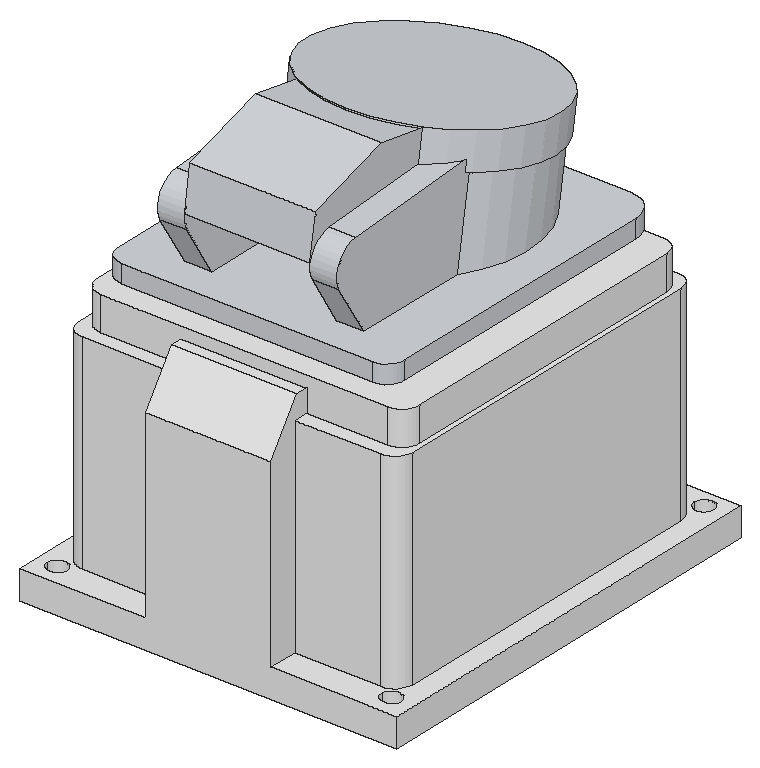
Revit family "Building-ConnessioniIEC309-GEWISS-IEC309HP-PRESE_FISSE_PAR_10°_32A_IP67", category Apparecchi elettrici, host Superficie, Revit 2019
Family settings
  Host = Superficie
  Mantenere orientamento annotazione = Sì
  Quota connettore circolare = Usa diametro
  Tipo di parte = Normale
  Taglio con vuoti quando caricato = No
  Condiviso = No
  Punto di calcolo locali = Sì
Parameters (values of type "GW62556 - PRESA FISSA 10°PAR.ST.3P+T 32A 380V 3H")
  simbolo acceso [instance] = yes
  distanza_simbolo [instance] = 1 mm
  distanza dal piano [instance] = 0 mm
  W = 115 mm  # constant formula
  Versione file RFA = "21.11"
  URL = "https://www.gewiss.com/it/it"
  Tipologia = "Presa fissa da parete 10°"
  Tipo Cablaggio = "A vite"
  Termopressione con biglia = "125 °C (Parti attive) - 80 °C (Parti passive)"
  Tensione nominale = "380-440V"
  Temperatura di utilizzo = "-25 +55 °C"
  Spostamento_effettivo_S [instance] = 4000 mm - Spostamento_S  # 3045 mm
  Spostamento_S = 955 mm
  Sportello_visibile = yes
  Sovraccarico ammissibile = "42A"
  Scheda Tecnica = "https://www.gewiss.com/it/it/search?q=GW62556"
  SPinotto = Default(2)
  SEO = "Presa"
  Riferimento h = "3"
  Resistenza di isolamento = "- 10 M?"
  Resistenza agli urti = "IK08"
  Prospetto di default = 500 mm
  Produttore = "GEWISS S.p.A."
  Potere d'interruzione a 1,1 Un = "40A"
  Piastra = Default(2)
  N. poli = "3P+T"
  N. Manovre complessive = "-2000"
  Modello = "GW62556"
  L = 155 mm  # constant formula
  Immagine tipo = (empty or 0)
  IDT = "a26e6f27ce1c4ce1acf7a3737c6fb816"
  IDF = "0add6c81-5737-40fc-a870-13d408ed6093"
  Grado di protezione = "IP67"
  Glow wire test: = "850 °C (Parti attive) - 650 °C (Parti passive)"
  Frequenza = "50/60 Hz"
  FORMULA = 1000 mm * 1  # 1000 mm
  Descrizione = "PRESA FISSA 10°PAR.ST.3P+T 32A 380V 3H"
  Creato da GEWISS S.p.A. = ""
  Corrente nominale (A) = "32"
  Corpo centrale = Default(2)
  Colore: = "Rosso"
  Codice Electrocod = "2211"
  Catalogo = "BUILDING"
  CapacitÃ  serraggio morsetti = "2,5-6 mm² cavi flessibili - 2,5-10 mm² cavi rigidi"
  COBie.Tagnumber = ""
  COBie.CreatedOn = ""
  COBie.CreatebBy = ""
  COBie.ComponentRegisterItemID = ""
  COBie.Component.TagNumber = ""
  COBie.Component.Space = ""
  COBie.Component.SerialNumber = ""
  COBie.Component.InstallationDate = ""
  COBie.Component.Description = ""
  COBie.Component.BarCode = ""
  BLOCCO = "B=C"
Types (12, lengths in mm): name | Tensione nominale | Scheda Tecnica | Riferimento h | N. poli | Modello | IDT | Descrizione | Colore:
  GW62434 - PRESA FISSA 10°PAR.ST.2P+T 32A 110V 4H | "100-130V" | "https://www.gewiss.com/it/it/search?q=GW62434" | "4" | "2P+T" | "GW62434" | "986c39143f9c445bb3cac702ed56fa4a" | "PRESA FISSA 10°PAR.ST.2P+T 32A 110V 4H" | "Giallo"
  GW62435 - PRESA FISSA 10°PAR.ST.3P+T 32A 110V 4H | "100-130V" | "https://www.gewiss.com/it/it/search?q=GW62435" | "4" | "3P+T" | "GW62435" | "452de1b4badb4e488309a17f806bfc51" | "PRESA FISSA 10°PAR.ST.3P+T 32A 110V 4H" | "Giallo"
  GW62436 - PRESA FISSA 10°PAR.ST.3P+N+T 32A 110V 4H | "100-130V" | "https://www.gewiss.com/it/it/search?q=GW62436" | "4" | "3P+N+T" | "GW62436" | "00c5db75744042ec83027d165567999a" | "PRESA FISSA 10°PAR.ST.3P+N+T 32A 110V 4H" | "Giallo"
  GW62437 - PRESA FISSA 10°PAR.ST.2P+T 32A 230V 6H | "200-250V" | "https://www.gewiss.com/it/it/search?q=GW62437" | "6" | "2P+T" | "GW62437" | "5ac0320e34bb4a4eaab190f58d3ebf28" | "PRESA FISSA 10°PAR.ST.2P+T 32A 230V 6H" | "Blu"
  GW62438 - PRESA FISSA 10°PAR.ST.3P+T 32A 230V 9H | "200-250V" | "https://www.gewiss.com/it/it/search?q=GW62438" | "9" | "3P+T" | "GW62438" | "cab6474b4e844bba955fc98f17608af1" | "PRESA FISSA 10°PAR.ST.3P+T 32A 230V 9H" | "Blu"
  GW62439 - PRESA FISSA 10°PAR.ST.3P+N+T 32A 230V 9H | "200-250V" | "https://www.gewiss.com/it/it/search?q=GW62439" | "9" | "3P+N+T" | "GW62439" | "4628fdc84d1548bda3f713b52f0bd3d8" | "PRESA FISSA 10°PAR.ST.3P+N+T 32A 230V 9H" | "Blu"
  GW62440 - PRESA FISSA 10°PAR.ST.2P+T 32A 400V 9H | "380-415V" | "https://www.gewiss.com/it/it/search?q=GW62440" | "9" | "2P+T" | "GW62440" | "dec06a8d713645869f1b7bed8814f368" | "PRESA FISSA 10°PAR.ST.2P+T 32A 400V 9H" | "Rosso"
  GW62441 - PRESA FISSA 10°PAR.ST.3P+T 32A 400V 6H | "380-415V" | "https://www.gewiss.com/it/it/search?q=GW62441" | "6" | "3P+T" | "GW62441" | "93e5dbc87a5649be9e448fb37e4556a5" | "PRESA FISSA 10°PAR.ST.3P+T 32A 400V 6H" | "Rosso"
  GW62442 - PRESA FISSA 10°PAR.ST.3P+N+T 32A 400V 6H | "380-415V" | "https://www.gewiss.com/it/it/search?q=GW62442" | "6" | "3P+N+T" | "GW62442" | "7aed0b2448fd483ab265c5073648dcbe" | "PRESA FISSA 10°PAR.ST.3P+N+T 32A 400V 6H" | "Rosso"
  GW62556 - PRESA FISSA 10°PAR.ST.3P+T 32A 380V 3H | "380-440V" | "https://www.gewiss.com/it/it/search?q=GW62556" | "3" | "3P+T" | "GW62556" | "a26e6f27ce1c4ce1acf7a3737c6fb816" | "PRESA FISSA 10°PAR.ST.3P+T 32A 380V 3H" | "Rosso"
  GW62443 - PRESA FISSA 10°PAR.ST.3P+T 32A 500V 7H | "480-500V" | "https://www.gewiss.com/it/it/search?q=GW62443" | "7" | "3P+T" | "GW62443" | "353563d947574bae85385f5dd1700681" | "PRESA FISSA 10°PAR.ST.3P+T 32A 500V 7H" | "Nero"
  GW62444 - PRESA FISSA 10°PAR.ST.3P+N+T 32A 500V 7H | "480-500V" | "https://www.gewiss.com/it/it/search?q=GW62444" | "7" | "3P+N+T" | "GW62444" | "f0e200fa9ca54c6baa2ba78b5d8a27fd" | "PRESA FISSA 10°PAR.ST.3P+N+T 32A 500V 7H" | "Nero"
Reference planes
  plane 1 "Centro (Fronte/Retro)": y = 0
  plane 2: z = 0
  plane 3 "Centro (Sinistra/Destra)": x = 0
  plane 4: x = -3000
  plane 5: x = 45
  plane 6: z = 0
Dimensions and locks
  plane 4 to plane 3 "Centro (Sinistra/Destra)" = 3000 mm
  "Spostamento_effettivo_S": plane 4 to plane 5
  "distanza dal piano": plane 6 to plane 2
  aligned and locked: plane 2 to host face
  aligned and locked: level to host face
  aligned and locked: plane 3 "Centro (Sinistra/Destra)" to nested 1
  aligned and locked: plane 1 "Centro (Fronte/Retro)" to nested 1
  aligned and locked: nested 2 to plane 5
  aligned and locked: plane 1 "Centro (Fronte/Retro)" to nested 3
  aligned and locked: plane 3 "Centro (Sinistra/Destra)" to nested 3
Automatic sketch dimensions
  host sketch curve to host sketch curve = 2438.4 mm  (x2)
Nested families
  nested 1: "IEC309 PRESE FISSE PARETE 10' 16A IP44_BASE" at (0, 0, 0), type "IEC309 PRESE FISSE PARETE 10' 16A IP44_BASE"
  nested 2: "GWGW62201FH - SIMBOLO_PRESA" at (45, 171.559, 0), visible <- "simbolo acceso", Distanza dal muro <- "distanza_simbolo", type "3P"
    with SIMBOLO ACCESO yes, Distanza dal muro 1 mm
  nested 3: "GW62412_dett_presa front" at (0, 3.479, 0), type "GW62412_dett_presa front"
Connectors
  electrical at (37.5, 30, 0)
    settings: on nested 1, index 1, voltage 0 V, apparent load 0 VA, apparent load phase1 0 VA, apparent load phase2 0 VA, apparent load phase3 0 VA, power factor 1, load classification "Altro", number of poles 1, system type 31, power factor state 1, is connector primary yes, connector utility no, sub classification motor no, connector description ""
Definition of nested family "IEC309 PRESE FISSE PARETE 10' 16A IP44_BASE"
  Parameters (values of type "IEC309 PRESE FISSE PARETE 10' 16A IP44_BASE")
    sp_ghiera = 16 mm
    r2 = 39 mm
    h = 120 mm  # constant formula
    dis_base = 71 mm
    Sportello = yes
    Spinotto = none
    R1 = 42 mm
    PIASTRA = none
    Lunghezza totale = 140 mm
    CENTRALE = none
    Bsae = 105 mm  # constant formula
  Reference planes
    plane 1 "Centro (Fronte/Retro)": y = 0
    plane 2: z = 0
    plane 3 "Centro (Sinistra/Destra)": x = 0
    plane 4: x = 105
    plane 5: y = 120
    plane 6: x = 52.5
    plane 7: y = 114.875
    plane 8: y = 5.75
    plane 9: x = 5.75
    plane 10: x = 99
    plane 11: z = 8
    plane 12: y = 111.673
    plane 13: y = 8.334
    plane 14: z = 66
    plane 15: x = 7.498
    plane 16: y = 108.673
    plane 17: x = 97.498
    plane 18: y = 12.508
    plane 19: z = 75.463
    plane 20: x = 27.511
    plane 21: x = 32.023
    plane 22: x = 77.489
    plane 23: x = 72.977
    plane 24: x = 35.01
    plane 25: x = 69.99
    plane 26: x = 12.474
    plane 27: y = 107.576
    plane 28: x = 92.474
    plane 29: y = 13.508
  Forms (mm)
    Extrusion 1, solid, material <- "PIASTRA"
      sketch origin (0, 0, 0) x (1, 0, 0) y (0, 1, 0)
        loop
          line (0, 120) -> (0, 0) -> (105, 0) -> (105, 120) -> (0, 120)
      from 0 to 8
    Extrusion 2, void
      sketch origin (0, 0, 0) x (1, 0, 0) y (0, 1, 0)
        loop
          circle (5.75, 114.875) r 2.8
        loop
          circle (99, 114.875) r 2.8
        loop
          circle (5.75, 5.75) r 2.8
        loop
          circle (99, 5.75) r 2.8
      from 0 to 8
    Extrusion 3, solid, material <- "PIASTRA"
      sketch origin (0, 0, 0) x (1, 0, 0) y (0, 1, 0)
        loop
          line (5.75, 106.673) -> (5.75, 13.334)
          arc (5.75, 13.334) -> (7.214, 9.799) -> (10.75, 8.334) r 5
          line (10.75, 8.334) -> (94, 8.334)
          arc (94, 8.334) -> (97.536, 9.799) -> (99, 13.334) r 5
          line (99, 13.334) -> (99, 106.673)
          arc (99, 106.673) -> (97.536, 110.208) -> (94, 111.673) r 5
          line (94, 111.673) -> (10.75, 111.673)
          arc (10.75, 111.673) -> (7.214, 110.208) -> (5.75, 106.673) r 5
      from 8 to 66
    Extrusion 4, solid, material <- "PIASTRA"
      sketch origin (0, 0, 0) x (1, 0, 0) y (0, 1, 0)
        loop
          arc (12.498, 108.673) -> (8.962, 107.208) -> (7.498, 103.673) r 5
          line (7.498, 103.673) -> (7.498, 17.508)
          arc (7.498, 17.508) -> (8.962, 13.972) -> (12.498, 12.508) r 5
          line (12.498, 12.508) -> (92.498, 12.508)
          arc (92.498, 12.508) -> (96.033, 13.972) -> (97.498, 17.508) r 5
          line (97.498, 17.508) -> (97.498, 103.673)
          arc (97.498, 103.673) -> (96.033, 107.208) -> (92.498, 108.673) r 5
          line (92.498, 108.673) -> (12.498, 108.673)
      from 66 to 75.463
    Extrusion 5, solid, material <- "PIASTRA"
      sketch origin (0, 110, 0) x (0, -1, 0) y (0, 0, -1)
        loop
          line (-10, 0) -> (-10, -59.349) -> (-0.915, -72.253) -> (2.903, -72.253) -> (2.903, 0) -> (-10, 0)
      from 35.01 to 69.99
    Extrusion 6, solid, material <- "PIASTRA"
      sketch origin (0, 10, 0) x (0, 1, 0) y (0, 0, 1)
        loop
          line (-10, 0) -> (2.508, 0) -> (2.508, 72.253) -> (-0.915, 72.253) -> (-10, 59.349) -> (-10, 0)
      from 35.01 to 69.99
    Extrusion 7, solid
      sketch origin (0, 0, 0) x (1, 0, 0) y (0, 1, 0)
        loop
          arc (12.474, 18.508) -> (13.938, 14.972) -> (17.474, 13.508) r 5
          line (17.474, 13.508) -> (87.474, 13.508)
          arc (87.474, 13.508) -> (91.009, 14.972) -> (92.474, 18.508) r 5
          line (92.474, 18.508) -> (92.474, 99.118)
          arc (92.474, 99.118) -> (89.997, 105.099) -> (84.016, 107.576) r 8.458
          line (84.016, 107.576) -> (17.474, 107.576)
          arc (17.474, 107.576) -> (13.938, 106.111) -> (12.474, 102.576) r 5
          line (12.474, 102.576) -> (12.474, 18.508)
      from 79.524 to 84.524
    Sweep 8, solid
      path origin (0, 0, 0) x (0, 1, 0) y (0, 0, 1)
        loop
          line (76.838, 105.496) -> (78.575, 115.349)
      profile origin (0, 77.707, 110.423) x (0, -0.984808, 0.173648) y (1, 0, 0)
        loop
          circle (0, 52.5) r 31.5
    Extrusion 9, solid
      sketch origin (0, 0, 0) x (0, 1, 0) y (0, 0, 1)
        loop
          arc (13.666, 103.089) -> (15.893, 107.235) -> (20.216, 109.093) r 7.136
          line (20.216, 109.093) -> (51.287, 111.282) -> (52.751, 119.59) -> (38.491, 122.104) -> (15.564, 115.091) -> (13.666, 103.089)
      from 35.01 to 69.99
    Sweep 10, solid
      path origin (0, 0, 0) x (0, 1, 0) y (0, 0, 1)
        loop
          line (76.838, 105.496) -> (72.258, 79.524)
      profile origin (0, 74.548, 92.51) x (0, 0.984808, -0.173648) y (1, 0, 0)
        loop
          circle (0, 52.5) r 30.5
    Extrusion 11, solid
      sketch origin (0, 0, 0) x (0, 1, 0) y (0, 0, 1)
        loop
          arc (20.216, 109.093) -> (14.465, 105.419) -> (14.43, 98.594) r 7.136
          line (14.43, 98.594) -> (23.098, 84.524) -> (56.917, 84.524) -> (61.765, 112.02) -> (20.216, 109.093)
      from 27.511 to 35.01
    Extrusion 12, solid
      sketch origin (105, 0, 0) x (0, 1, 0) y (0, 0, -1)
        loop
          line (20.216, -109.093) -> (61.765, -112.02) -> (56.917, -84.524) -> (23.098, -84.524) -> (14.43, -98.594)
          arc (14.43, -98.594) -> (14.465, -105.419) -> (20.216, -109.093) r 7.136
      from 27.511 to 35.01
  Cuts and joins
    Extrusion 2 cuts Extrusion 1
    joined: Extrusion 1, Extrusion 3, Extrusion 5, Extrusion 6
    joined: Extrusion 7, Sweep 10, Extrusion 11, Extrusion 12
  Dimensions and locks
    plane 3 "Centro (Sinistra/Destra)" to plane 4 = 105 mm
    plane 1 "Centro (Fronte/Retro)" to plane 5 = 120 mm
    equal spacing: plane 3 "Centro (Sinistra/Destra)", plane 6, plane 4
    locked: plane 3 "Centro (Sinistra/Destra)" to plane 9 at 5.75
    locked: plane 10 to plane 4 at 6
    locked: plane 1 "Centro (Fronte/Retro)" to plane 8 at 5.75
    locked: plane 5 to plane 7 at 5.125
    locked: plane 11 to level at 8
    "Bsae": plane 3 "Centro (Sinistra/Destra)" to plane 4
    "h": plane 1 "Centro (Fronte/Retro)" to plane 5
    locked: plane 12 to plane 7 at 3.202
    locked: plane 8 to plane 13 at 2.584
    locked: plane 14 to plane 11 at 58
    locked: plane 17 to plane 10 at 1.502
    locked: plane 20 to plane 21 at 4.513
    locked: plane 23 to plane 22 at 4.513
    equal spacing: plane 20, plane 6, plane 22
    locked: plane 12 to plane 16 at 3
    equal spacing: plane 24, plane 6, plane 25
    plane 24 to plane 25 = 34.979 mm
    locked: plane 16 to plane 27 at 1.097
    locked: plane 9 to plane 26 at 6.724
    locked: plane 28 to plane 10 at 6.526
    plane 18 to plane 29 = 1 mm
    diameter of cut or joined group of Extrusion 1, Extrusion 2, Extrusion 3, Extrusion 5, Extrusion 6 = 5.6 mm
    radius of Extrusion 3 sketch curve = 5 mm  (x3)
    radius of Extrusion 4 sketch curve = 5 mm  (x3)
    radius of Extrusion 7 sketch curve = 5 mm  (x3)
    radius of Extrusion 7 sketch curve = 8.458 mm
    aligned and locked: level to plane 2
    aligned and locked: Extrusion 1 sketch curve to plane 3 "Centro (Sinistra/Destra)"
    aligned and locked: Extrusion 1 sketch curve to plane 5
    aligned and locked: Extrusion 1 sketch curve to plane 4
    aligned and locked: Extrusion 1 sketch curve to plane 1 "Centro (Fronte/Retro)"
    aligned and locked: plane 11 to Extrusion 1
    aligned and locked: plane 9 to Extrusion 2 sketch curve  (x2)
    aligned and locked: plane 7 to Extrusion 2 sketch curve  (x2)
    aligned and locked: plane 10 to Extrusion 2 sketch curve  (x2)
    aligned and locked: plane 8 to Extrusion 2 sketch curve  (x2)
    aligned and locked: cut or joined group of Extrusion 1, Extrusion 2, Extrusion 3, Extrusion 5, Extrusion 6 to level
    aligned and locked: Extrusion 1 to Extrusion 2
    aligned and locked: Extrusion 3 sketch curve to plane 9
    aligned and locked: Extrusion 3 sketch curve to plane 10
    aligned and locked: Extrusion 3 sketch curve to plane 13
    aligned and locked: plane 12 to Extrusion 3 sketch curve
    aligned and locked: plane 14 to Extrusion 3
    aligned and locked: Extrusion 3 to plane 11
    aligned and locked: Extrusion 4 sketch curve to plane 16
    aligned and locked: Extrusion 4 sketch curve to plane 15
    aligned and locked: Extrusion 4 sketch curve to plane 17
    aligned and locked: Extrusion 4 sketch curve to plane 18
    aligned and locked: Extrusion 4 to plane 14
    aligned and locked: Extrusion 4 to plane 19
    aligned and locked: Extrusion 5 to plane 25
    aligned and locked: Extrusion 5 to plane 24
    aligned and locked: Extrusion 7 sketch curve to plane 26
    aligned and locked: Extrusion 7 sketch curve to plane 27
    aligned and locked: Extrusion 7 sketch curve to plane 28
    aligned and locked: plane 29 to Extrusion 7 sketch curve
    aligned and locked: Extrusion 6 sketch curve to plane 18
    aligned and locked: plane 6 to Sweep 8 sketch curve
    aligned and locked: plane 24 to Extrusion 9
    aligned and locked: Extrusion 9 to plane 25
    aligned and locked: plane 6 to Sweep 10 sketch curve
    aligned and locked: Extrusion 11 sketch curve to Extrusion 9  (x2)
    aligned and locked: Extrusion 7 to Extrusion 11 sketch curve
    aligned and locked: Extrusion 11 to plane 20
    aligned and locked: Extrusion 11 to cut or joined group of Extrusion 1, Extrusion 2, Extrusion 3, Extrusion 5, Extrusion 6
  Automatic sketch dimensions
    plane 26 to Extrusion 3 sketch curve = 1.724 mm
    Extrusion 4 sketch curve to plane 26 = 0.024 mm
    Extrusion 5 sketch curve to level = 0 mm
    Extrusion 5 sketch curve to plane 5 = 0 mm
    Extrusion 5 sketch curve to plane 12 = 0.758 mm
    plane 27 to Extrusion 5 sketch curve = 0.479 mm
    plane 14 to Extrusion 5 sketch curve = 6.651 mm
    Extrusion 5 sketch curve to plane 19 = 3.211 mm
    Extrusion 6 sketch curve to level = 0 mm
    Extrusion 6 sketch curve to plane 1 "Centro (Fronte/Retro)" = 0 mm
    Extrusion 6 sketch curve to plane 13 = 0.751 mm
    Extrusion 6 sketch curve to plane 14 = 6.651 mm
    Extrusion 7 sketch curve to Extrusion 7 sketch curve = 0 mm
    Sweep 8 sketch curve to plane 27 = 30.738 mm
    Sweep 8 sketch curve to plane 19 = 30.033 mm
    Sweep 8 sketch curve to Sweep 8 sketch curve = 1.737 mm
    Sweep 8 sketch curve to Sweep 8 sketch curve = 9.852 mm
    Sweep 8 sketch curve to profile plane = 0 mm
    Extrusion 9 sketch curve to Extrusion 9 sketch curve = 18.275 mm
    Extrusion 9 sketch curve to plane 19 = 35.818 mm
    Extrusion 9 sketch curve to Extrusion 9 sketch curve = 1.465 mm
    Extrusion 9 sketch curve to Extrusion 9 sketch curve = 8.308 mm
    plane 29 to Extrusion 9 sketch curve = 0.158 mm
    Extrusion 9 sketch curve to Extrusion 9 sketch curve = 0 mm  (x2)
    Sweep 10 sketch curve to plane 19 = 4.061 mm
    Sweep 10 sketch curve to plane 27 = 35.317 mm
    Sweep 10 sketch curve to Sweep 10 sketch curve = 4.58 mm
    Sweep 10 sketch curve to Sweep 10 sketch curve = 25.972 mm
    Sweep 10 sketch curve to profile plane = 0 mm
    Extrusion 11 sketch curve to Extrusion 11 sketch curve = 33.818 mm
    Extrusion 11 sketch curve to plane 19 = 36.557 mm
    plane 29 to Extrusion 12 sketch curve = 0.922 mm
    plane 29 to Extrusion 12 sketch curve = 6.708 mm
    Extrusion 12 sketch curve to Extrusion 12 sketch curve = 0.498 mm
    plane 29 to Extrusion 12 sketch curve = 9.591 mm
    Extrusion 12 sketch curve to plane 19 = 9.061 mm
    Extrusion 12 sketch curve to Extrusion 12 sketch curve = 33.818 mm
    Extrusion 12 sketch curve to Extrusion 12 sketch curve = 4.848 mm
    Extrusion 12 sketch curve to Extrusion 12 sketch curve = 14.07 mm
    Extrusion 12 sketch curve to Extrusion 12 sketch curve = 3.38 mm
    Extrusion 12 sketch curve to Extrusion 12 sketch curve = 27.496 mm
    plane 19 to Extrusion 6 sketch curve = 3.211 mm
    plane 29 to Extrusion 9 sketch curve = 2.056 mm
    plane 29 to Extrusion 9 sketch curve = 6.708 mm
    Extrusion 9 sketch curve to Extrusion 9 sketch curve = 7.048 mm
    Extrusion 9 sketch curve to Extrusion 9 sketch curve = 12.795 mm
    Extrusion 9 sketch curve to Extrusion 9 sketch curve = 2.189 mm
    Extrusion 9 sketch curve to Extrusion 9 sketch curve = 7.118 mm
    Extrusion 9 sketch curve to Extrusion 9 sketch curve = 5.998 mm
    Extrusion 9 sketch curve to Extrusion 9 sketch curve = 2.514 mm
    plane 29 to Extrusion 11 sketch curve = 0.922 mm
    plane 29 to Extrusion 11 sketch curve = 9.591 mm
    radius of Extrusion 2 sketch curve = 2.8 mm  (x4)
    radius of Sweep 8 sketch curve = 31.5 mm
    radius of Sweep 10 sketch curve = 30.5 mm
Definition of nested family "GWGW62201FH - SIMBOLO_PRESA"
  Parameters (values of type "3P")
    SIMBOLO ACCESO [instance] = yes
    Distanza dal muro [instance] = 0 mm
  Reference planes
    plane 1: y = 0
    plane 2: x = 0
  Dimensions and locks
    "Distanza dal muro": plane 1 to nested 1
    aligned and locked: plane 2 to nested 1
  Nested families
    nested 1: "GWGW62201FH - SIMBOLO" at (0, 0, 0), visible <- "SIMBOLO ACCESO", type "3P"
  Definition of nested family "GWGW62201FH - SIMBOLO"
    Parameters (values of type "3P")
      CORNICE SIMBOLO [instance] = yes
      3P = yes
    Reference planes
      plane 1: y = 0
      plane 2: x = 0
    Lines and regions (mm)
      detail lines
        curve 1: circle (-0.314, 0.674, 0) r 0.057 normal (0, 0, 1)
        curve 2: arc (0.346, -0.009, 0) -> (0, 0.337, 0) -> (-0.346, -0.009, 0) r 0.346
        curve 3: line (0, 0.337, 0) -> (0.346, 0.337, 0)
        curve 4: line (0, 3.386, 0) -> (0, 0.337, 0)
        curve 5: line (0, 0.337, 0) -> (-0.314, 0.674, 0)
Definition of nested family "GW62412_dett_presa front"
  Reference planes
    plane 1 "Centro (Fronte/Retro)": y = 0
    plane 2: z = 0
    plane 3 "Centro (Sinistra/Destra)": x = 0
  Lines and regions (mm)
    detail lines, in view "Livello rif."
      curve 1: arc (74.277, 69.357, 0) -> (52.474, 77.362, 0) -> (30.67, 69.357, 0) r 33.699
      curve 2: spline (30.67, 70.944, 0) -> (28.735, 69.156, 0) -> (26.952, 67.222, 0) -> (25.33, 65.154, 0) -> (23.88, 62.966, 0) -> (22.612, 60.671, 0) -> (21.534, 58.284, 0) -> (20.652, 55.82, 0) -> (19.972, 53.294, 0) -> (19.498, 50.723, 0) -> (19.233, 48.123, 0) -> (19.18, 45.511, 0) -> (19.338, 42.903, 0)
      curve 3: spline (85.61, 42.911, 0) -> (85.767, 45.518, 0) -> (85.713, 48.13, 0) -> (85.448, 50.729, 0) -> (84.974, 53.299, 0) -> (84.294, 55.824, 0) -> (83.412, 58.287, 0) -> (82.333, 60.674, 0) -> (81.066, 62.968, 0) -> (79.616, 65.156, 0) -> (77.995, 67.223, 0) -> (76.211, 69.157, 0) -> (74.277, 70.944, 0)
      curve 4: spline (31.986, 99.872, 0) -> (31.814, 99.86, 0) -> (31.645, 99.826, 0) -> (31.482, 99.769, 0) -> (31.328, 99.691, 0) -> (31.185, 99.593, 0) -> (31.055, 99.476, 0) -> (30.942, 99.344, 0) -> (30.846, 99.197, 0) -> (30.77, 99.038, 0) -> (30.715, 98.871, 0) -> (30.681, 98.698, 0) -> (30.67, 98.521, 0)
      curve 5: line (31.17, 79.876, 0) -> (30.788, 79.987, 0)
      curve 6: line (31.307, 79.868, 0) -> (30.788, 79.987, 0)
      curve 7: line (73.643, 79.874, 0) -> (31.307, 79.868, 0)
      curve 8: line (73.779, 79.883, 0) -> (74.16, 79.994, 0)
      curve 9: line (73.643, 79.874, 0) -> (74.16, 79.994, 0)
      curve 10: spline (74.277, 98.521, 0) -> (74.266, 98.698, 0) -> (74.232, 98.871, 0) -> (74.177, 99.039, 0) -> (74.101, 99.197, 0) -> (74.005, 99.344, 0) -> (73.892, 99.477, 0) -> (73.762, 99.593, 0) -> (73.619, 99.691, 0) -> (73.464, 99.769, 0) -> (73.301, 99.826, 0) -> (73.132, 99.86, 0) -> (72.96, 99.872, 0)
      curve 11: spline (78.446, 44.022, 0) -> (77.561, 50.642, 0) -> (74.967, 56.811, 0) -> (70.839, 62.109, 0) -> (65.46, 66.173, 0) -> (59.196, 68.729, 0) -> (52.474, 69.6, 0) -> (45.751, 68.729, 0) -> (39.487, 66.173, 0) -> (34.108, 62.109, 0) -> (29.98, 56.811, 0) -> (27.386, 50.642, 0) -> (26.501, 44.022, 0) -> (27.386, 37.402, 0) -> (29.98, 31.233, 0) -> (34.108, 25.935, 0) -> (39.487, 21.87, 0) -> (45.751, 19.315, 0) -> (52.474, 18.444, 0) -> (59.196, 19.315, 0) -> (65.46, 21.87, 0) -> (70.839, 25.935, 0) -> (74.967, 31.233, 0) -> (77.561, 37.402, 0) -> (78.446, 44.022, 0)
      curve 12: arc (19.505, 41.246, 0) -> (20.828, 34.911, 0) -> (23.388, 28.967, 0) r 32.303
      curve 13: arc (23.387, 28.966, 0) -> (26.643, 24.163, 0) -> (30.695, 20.01, 0) r 32.746
      curve 14: arc (30.857, 19.805, 0) -> (31.078, 19.376, 0) -> (31.309, 18.951, 0) r 22.139
      curve 15: line (74.253, 20.011, 0) -> (31.309, 18.951, 0)
      curve 16: spline (74.253, 20.011, 0) -> (75.871, 21.5, 0) -> (77.385, 23.091, 0) -> (78.789, 24.778, 0) -> (80.076, 26.554, 0) -> (81.241, 28.409, 0) -> (82.278, 30.336, 0) -> (83.184, 32.326, 0) -> (83.953, 34.371, 0) -> (84.583, 36.461, 0) -> (85.07, 38.587, 0) -> (85.413, 40.74, 0) -> (85.61, 42.911, 0)
      curve 17: arc (30.237, 74.6, 0) -> (30.557, 75.043, 0) -> (30.67, 75.578, 0) r 1.321
      curve 18: spline (30.237, 74.6, 0) -> (28.626, 73.008, 0) -> (27.126, 71.308, 0) -> (25.744, 69.508, 0) -> (24.485, 67.617, 0) -> (23.356, 65.643, 0) -> (22.362, 63.595, 0) -> (21.507, 61.483, 0) -> (20.796, 59.317, 0) -> (20.232, 57.106, 0) -> (19.817, 54.862, 0) -> (19.553, 52.593, 0) -> (19.442, 50.311, 0)
      curve 19: spline (85.505, 50.311, 0) -> (85.394, 52.595, 0) -> (85.13, 54.865, 0) -> (84.714, 57.112, 0) -> (84.149, 59.324, 0) -> (83.437, 61.492, 0) -> (82.581, 63.605, 0) -> (81.585, 65.654, 0) -> (80.454, 67.629, 0) -> (79.194, 69.522, 0) -> (77.809, 71.322, 0) -> (76.307, 73.022, 0) -> (74.694, 74.614, 0)
      curve 20: arc (74.277, 75.578, 0) -> (74.386, 75.053, 0) -> (74.694, 74.614, 0) r 1.321
      curve 21: line (74.277, 69.357, 0) -> (74.277, 78.193, 0)
      curve 22: line (74.277, 78.193, 0) -> (74.277, 98.521, 0)
      curve 23: line (30.67, 98.521, 0) -> (30.67, 78.193, 0)
      curve 24: line (30.67, 78.193, 0) -> (30.67, 69.357, 0)
      curve 25: line (31.986, 99.872, 0) -> (35.493, 99.872, 0)
      curve 26: line (35.493, 99.872, 0) -> (36.167, 99.872, 0)
      curve 27: line (36.167, 99.872, 0) -> (68.782, 99.872, 0)
      curve 28: line (68.782, 99.872, 0) -> (69.454, 99.872, 0)
      curve 29: line (69.454, 99.872, 0) -> (72.96, 99.872, 0)
      curve 30: line (19.505, 41.246, 0) -> (19.338, 42.903, 0)
      curve 31: arc (84.55, 7.455, 0) -> (90.155, 9.826, 0) -> (92.47, 15.455, 0) r 8
      curve 32: arc (12.47, 15.455, 0) -> (14.785, 9.826, 0) -> (20.39, 7.455, 0) r 8
      curve 33: circle (82.469, 90.102, 0) r 2.09 normal (0, 0, 1)
      curve 34: circle (22.469, 90.102, 0) r 2.072 normal (0, 0, 1)
      curve 35: circle (22.469, 20.094, 0) r 2.068 normal (0, 0, 1)
      curve 36: circle (82.468, 20.094, 0) r 2.075 normal (0, 0, 1)
      curve 37: line (72.295, 30.252, 0) -> (71.634, 29.591, 0)
      curve 38: spline (33.313, 29.591, 0) -> (36.445, 29.452, 0) -> (39.611, 29.337, 0) -> (42.803, 29.248, 0) -> (46.016, 29.185, 0) -> (49.241, 29.146, 0) -> (52.474, 29.133, 0) -> (55.706, 29.146, 0) -> (58.932, 29.185, 0) -> (62.144, 29.248, 0) -> (65.336, 29.337, 0) -> (68.502, 29.452, 0) -> (71.634, 29.591, 0)
      curve 39: line (33.313, 29.591, 0) -> (32.652, 30.252, 0)
      curve 40: spline (71.634, 29.605, 0) -> (71.721, 29.614, 0) -> (71.805, 29.633, 0) -> (71.887, 29.663, 0) -> (71.965, 29.703, 0) -> (72.036, 29.751, 0) -> (72.101, 29.808, 0) -> (72.158, 29.873, 0) -> (72.206, 29.943, 0) -> (72.245, 30.019, 0) -> (72.272, 30.098, 0) -> (72.289, 30.18, 0) -> (72.295, 30.263, 0)
      curve 41: spline (32.652, 30.263, 0) -> (32.658, 30.18, 0) -> (32.675, 30.098, 0) -> (32.702, 30.019, 0) -> (32.741, 29.943, 0) -> (32.789, 29.873, 0) -> (32.846, 29.808, 0) -> (32.911, 29.751, 0) -> (32.982, 29.703, 0) -> (33.06, 29.663, 0) -> (33.142, 29.633, 0) -> (33.227, 29.614, 0) -> (33.313, 29.605, 0)
      curve 42: line (32.652, 57.58, 0) -> (33.306, 58.218, 0)
      curve 43: spline (33.306, 58.218, 0) -> (36.44, 58.079, 0) -> (39.607, 57.965, 0) -> (42.8, 57.876, 0) -> (46.013, 57.812, 0) -> (49.24, 57.774, 0) -> (52.474, 57.761, 0) -> (55.707, 57.774, 0) -> (58.934, 57.812, 0) -> (62.147, 57.876, 0) -> (65.34, 57.965, 0) -> (68.507, 58.079, 0) -> (71.641, 58.218, 0)
      curve 44: line (71.641, 58.218, 0) -> (72.295, 57.58, 0)
      curve 45: arc (20.474, 102.411, 0) -> (14.817, 100.068, 0) -> (12.474, 94.411, 0) r 8
      curve 46: line (75.894, 3.927, 0) -> (75.894, -5.164, 0)
      curve 47: line (40.888, 2.242, 0) -> (40.888, -3.479, 0)
      curve 48: line (40.888, -3.479, 0) -> (64.112, -3.479, 0)
      curve 49: line (64.112, -3.479, 0) -> (64.112, 2.242, 0)
      curve 50: line (64.112, 2.242, 0) -> (40.888, 2.242, 0)
      curve 51: line (25.69, -5.164, 0) -> (25.69, 3.927, 0)
      curve 52: line (97.995, 9.084, 0) -> (97.771, 7.739, 0)
      curve 53: line (97.771, 7.739, 0) -> (97.315, 6.51, 0)
      curve 54: line (97.315, 6.51, 0) -> (95.413, 4.6, 0)
      curve 55: line (95.413, 4.6, 0) -> (94.176, 4.036, 0)
      curve 56: line (94.176, 4.036, 0) -> (92.831, 3.927, 0)
      curve 57: line (92.831, 3.927, 0) -> (12.275, 3.927, 0)
      curve 58: line (12.275, 3.927, 0) -> (10.922, 4.036, 0)
      curve 59: line (10.922, 4.036, 0) -> (9.693, 4.6, 0)
      curve 60: line (9.693, 4.6, 0) -> (8.68, 5.381, 0)
      curve 61: line (8.68, 5.381, 0) -> (7.783, 6.51, 0)
      curve 62: line (7.783, 6.51, 0) -> (7.335, 7.739, 0)
      curve 63: line (7.335, 7.739, 0) -> (7.111, 9.084, 0)
      curve 64: line (7.111, 9.084, 0) -> (7.111, 100.587, 0)
      curve 65: line (9.2, 1.229, 0) -> (8.976, 2.466, 0)
      curve 66: line (8.976, 2.466, 0) -> (8.303, 3.479, 0)
      curve 67: line (8.303, 3.479, 0) -> (7.29, 4.151, 0)
      curve 68: line (7.29, 4.151, 0) -> (6.053, 4.376, 0)
      curve 69: line (6.053, 4.376, 0) -> (4.932, 4.151, 0)
      curve 70: line (4.932, 4.151, 0) -> (3.92, 3.479, 0)
      curve 71: line (3.92, 3.479, 0) -> (3.247, 2.466, 0)
      curve 72: line (3.247, 2.466, 0) -> (3.031, 1.229, 0)
      curve 73: line (3.031, 1.229, 0) -> (3.247, 0.108, 0)
      curve 74: line (3.247, 0.108, 0) -> (3.92, -0.897, 0)
      curve 75: line (3.92, -0.897, 0) -> (4.932, -1.569, 0)
      curve 76: line (4.932, -1.569, 0) -> (6.053, -1.801, 0)
      curve 77: line (6.053, -1.801, 0) -> (7.29, -1.569, 0)
      curve 78: line (7.29, -1.569, 0) -> (8.303, -0.897, 0)
      curve 79: line (8.303, -0.897, 0) -> (8.976, 0.108, 0)
      curve 80: line (8.976, 0.108, 0) -> (9.2, 1.229, 0)
      curve 81: line (101.969, 1.229, 0) -> (101.745, 0.108, 0)
      curve 82: line (101.745, 0.108, 0) -> (101.073, -0.897, 0)
      curve 83: line (101.073, -0.897, 0) -> (100.06, -1.569, 0)
      curve 84: line (100.06, -1.569, 0) -> (98.94, -1.801, 0)
      curve 85: line (98.94, -1.801, 0) -> (97.703, -1.569, 0)
      curve 86: line (97.703, -1.569, 0) -> (96.697, -0.897, 0)
      curve 87: line (96.697, -0.897, 0) -> (96.024, 0.108, 0)
      curve 88: line (96.024, 0.108, 0) -> (95.8, 1.229, 0)
      curve 89: line (95.8, 1.229, 0) -> (96.024, 2.466, 0)
      curve 90: line (96.024, 2.466, 0) -> (96.697, 3.479, 0)
      curve 91: line (96.697, 3.479, 0) -> (97.703, 4.151, 0)
      curve 92: line (97.703, 4.151, 0) -> (98.94, 4.376, 0)
      curve 93: line (98.94, 4.376, 0) -> (100.06, 4.151, 0)
      curve 94: line (100.06, 4.151, 0) -> (101.073, 3.479, 0)
      curve 95: line (101.073, 3.479, 0) -> (101.745, 2.466, 0)
      curve 96: line (101.745, 2.466, 0) -> (101.969, 1.229, 0)
      curve 97: line (99.836, -5.164, 0) -> (101.181, -4.94, 0)
      curve 98: line (101.181, -4.94, 0) -> (102.418, -4.492, 0)
      curve 99: line (102.418, -4.492, 0) -> (103.431, -3.595, 0)
      curve 100: line (103.431, -3.595, 0) -> (104.327, -2.582, 0)
      curve 101: line (104.327, -2.582, 0) -> (104.776, -1.353, 0)
      curve 102: line (104.776, -1.353, 0) -> (105, 0, 0)
      curve 103: line (105, 0, 0) -> (105, 109.671, 0)
      curve 104: line (100.662, 114.769, 0) -> (99.836, 114.836, 0)
      curve 105: line (99.836, 114.836, 0) -> (5.156, 114.836, 0)
      curve 106: line (0, 109.39, 0) -> (0, 0, 0)
      curve 107: line (0, 0, 0) -> (0.224, -1.353, 0)
      curve 108: line (0.224, -1.353, 0) -> (0.672, -2.582, 0)
      curve 109: line (0.672, -2.582, 0) -> (1.569, -3.595, 0)
      curve 110: line (1.569, -3.595, 0) -> (2.574, -4.492, 0)
      curve 111: line (2.574, -4.492, 0) -> (3.811, -4.94, 0)
      curve 112: line (3.811, -4.94, 0) -> (5.156, -5.164, 0)
      curve 113: line (5.156, -5.164, 0) -> (99.836, -5.164, 0)
      curve 114: line (75.894, 114.836, 0) -> (75.894, 105.751, 0)
      curve 115: line (25.69, 114.836, 0) -> (25.69, 105.751, 0)
      curve 116: line (9.2, 108.442, 0) -> (8.976, 107.205, 0)
      curve 117: line (8.976, 107.205, 0) -> (8.303, 106.307, 0)
      curve 118: line (8.303, 106.307, 0) -> (7.29, 105.634, 0)
      curve 119: line (7.29, 105.634, 0) -> (6.053, 105.302, 0)
      curve 120: line (6.053, 105.302, 0) -> (4.932, 105.634, 0)
      curve 121: line (4.932, 105.634, 0) -> (3.92, 106.307, 0)
      curve 122: line (3.92, 106.307, 0) -> (3.247, 107.205, 0)
      curve 123: line (3.247, 107.205, 0) -> (3.031, 108.442, 0)
      curve 124: line (3.031, 108.442, 0) -> (3.247, 109.679, 0)
      curve 125: line (3.247, 109.679, 0) -> (3.92, 110.683, 0)
      curve 126: line (3.92, 110.683, 0) -> (4.932, 111.356, 0)
      curve 127: line (4.932, 111.356, 0) -> (6.053, 111.579, 0)
      curve 128: line (6.053, 111.579, 0) -> (7.29, 111.356, 0)
      curve 129: line (7.29, 111.356, 0) -> (8.303, 110.683, 0)
      curve 130: line (8.303, 110.683, 0) -> (8.976, 109.679, 0)
      curve 131: line (8.976, 109.679, 0) -> (9.2, 108.442, 0)
      curve 132: line (7.111, 100.587, 0) -> (7.335, 101.932, 0)
      curve 133: line (7.335, 101.932, 0) -> (7.783, 103.169, 0)
      curve 134: line (7.783, 103.169, 0) -> (8.68, 104.289, 0)
      curve 135: line (8.68, 104.289, 0) -> (9.693, 105.079, 0)
      curve 136: line (9.693, 105.079, 0) -> (10.922, 105.634, 0)
      curve 137: line (10.922, 105.634, 0) -> (12.275, 105.751, 0)
      curve 138: line (12.275, 105.751, 0) -> (92.831, 105.751, 0)
      curve 139: line (92.831, 105.751, 0) -> (94.176, 105.634, 0)
      curve 140: line (94.176, 105.634, 0) -> (95.413, 105.079, 0)
      curve 141: line (95.413, 105.079, 0) -> (96.418, 104.289, 0)
      curve 142: line (96.418, 104.289, 0) -> (97.315, 103.169, 0)
      curve 143: line (97.315, 103.169, 0) -> (97.771, 101.932, 0)
      curve 144: line (97.771, 101.932, 0) -> (97.995, 100.587, 0)
      curve 145: line (97.995, 100.587, 0) -> (97.995, 9.084, 0)
      curve 146: line (101.969, 108.442, 0) -> (101.745, 109.679, 0)
      curve 147: line (101.745, 109.679, 0) -> (101.073, 110.683, 0)
      curve 148: line (101.073, 110.683, 0) -> (100.06, 111.356, 0)
      curve 149: line (100.06, 111.356, 0) -> (98.94, 111.579, 0)
      curve 150: line (98.94, 111.579, 0) -> (97.703, 111.356, 0)
      curve 151: line (97.703, 111.356, 0) -> (96.697, 110.683, 0)
      curve 152: line (96.697, 110.683, 0) -> (96.024, 109.679, 0)
      curve 153: line (96.024, 109.679, 0) -> (95.8, 108.442, 0)
      curve 154: line (95.8, 108.442, 0) -> (96.024, 107.205, 0)
      curve 155: line (96.024, 107.205, 0) -> (96.697, 106.307, 0)
      curve 156: line (96.697, 106.307, 0) -> (97.703, 105.634, 0)
      curve 157: line (97.703, 105.634, 0) -> (98.94, 105.302, 0)
      curve 158: line (98.94, 105.302, 0) -> (100.06, 105.634, 0)
      curve 159: line (100.06, 105.634, 0) -> (101.073, 106.307, 0)
      curve 160: line (101.073, 106.307, 0) -> (101.745, 107.205, 0)
      curve 161: line (101.745, 107.205, 0) -> (101.969, 108.442, 0)
      curve 162: line (39.539, 102.419, 0) -> (67.903, 102.419, 0)
      curve 163: line (67.903, 102.419, 0) -> (39.539, 102.419, 0)
      curve 164: line (39.539, 102.419, 0) -> (67.903, 102.419, 0)
      curve 165: line (57.62, 7.365, 0) -> (84.55, 7.455, 0)
      curve 166: line (92.474, 94.411, 0) -> (92.474, 15.096, 0)
      curve 167: line (12.474, 94.411, 0) -> (12.474, 15.096, 0)
      curve 168: line (47.582, 7.313, 0) -> (20.39, 7.455, 0)
      curve 169: line (32.652, 30.252, 0) -> (32.652, 33.088, 0)
      curve 170: line (32.652, 33.088, 0) -> (32.652, 57.58, 0)
      curve 171: line (72.295, 57.58, 0) -> (72.295, 54.558, 0)
      curve 172: line (72.295, 54.558, 0) -> (72.295, 30.252, 0)
      curve 173: line (37.674, 99.872, 0) -> (37.674, 102.411, 0)
      curve 174: line (20.474, 102.411, 0) -> (39.469, 102.411, 0)
      curve 175: line (39.469, 102.411, 0) -> (67.974, 102.411, 0)
      curve 176: line (67.974, 102.411, 0) -> (84.474, 102.411, 0)
      curve 177: line (67.274, 99.872, 0) -> (67.274, 102.411, 0)
      curve 178: arc (92.474, 94.411, 0) -> (90.131, 100.068, 0) -> (84.474, 102.411, 0) r 8
      curve 357: arc (100.662, 114.769, 0) -> (103.769, 113.018, 0) -> (105, 109.671, 0) r 5.164
      curve 358: arc (4.33, 114.769, 0) -> (1.316, 113.124, 0) -> (0, 109.953, 0) r 5.164
    detail lines, in view "Livello rif.", not visible
      curve 179: arc (74.277, 69.357, 0) -> (52.474, 77.362, 0) -> (30.67, 69.357, 0) r 33.699
      curve 180: spline (30.67, 70.944, 0) -> (28.735, 69.156, 0) -> (26.952, 67.222, 0) -> (25.33, 65.154, 0) -> (23.88, 62.966, 0) -> (22.612, 60.671, 0) -> (21.534, 58.284, 0) -> (20.652, 55.82, 0) -> (19.972, 53.294, 0) -> (19.498, 50.723, 0) -> (19.233, 48.123, 0) -> (19.18, 45.511, 0) -> (19.338, 42.903, 0)
      curve 181: spline (85.61, 42.911, 0) -> (85.767, 45.518, 0) -> (85.713, 48.13, 0) -> (85.448, 50.729, 0) -> (84.974, 53.299, 0) -> (84.294, 55.824, 0) -> (83.412, 58.287, 0) -> (82.333, 60.674, 0) -> (81.066, 62.968, 0) -> (79.616, 65.156, 0) -> (77.995, 67.223, 0) -> (76.211, 69.157, 0) -> (74.277, 70.944, 0)
      curve 182: spline (31.986, 99.872, 0) -> (31.814, 99.86, 0) -> (31.645, 99.826, 0) -> (31.482, 99.769, 0) -> (31.328, 99.691, 0) -> (31.185, 99.593, 0) -> (31.055, 99.476, 0) -> (30.942, 99.344, 0) -> (30.846, 99.197, 0) -> (30.77, 99.038, 0) -> (30.715, 98.871, 0) -> (30.681, 98.698, 0) -> (30.67, 98.521, 0)
      curve 183: line (31.17, 79.876, 0) -> (30.788, 79.987, 0)
      curve 184: line (31.307, 79.868, 0) -> (30.788, 79.987, 0)
      curve 185: line (73.643, 79.874, 0) -> (31.307, 79.868, 0)
      curve 186: line (73.779, 79.883, 0) -> (74.16, 79.994, 0)
      curve 187: line (73.643, 79.874, 0) -> (74.16, 79.994, 0)
      curve 188: spline (74.277, 98.521, 0) -> (74.266, 98.698, 0) -> (74.232, 98.871, 0) -> (74.177, 99.039, 0) -> (74.101, 99.197, 0) -> (74.005, 99.344, 0) -> (73.892, 99.477, 0) -> (73.762, 99.593, 0) -> (73.619, 99.691, 0) -> (73.464, 99.769, 0) -> (73.301, 99.826, 0) -> (73.132, 99.86, 0) -> (72.96, 99.872, 0)
      curve 189: spline (78.446, 44.022, 0) -> (77.561, 50.642, 0) -> (74.967, 56.811, 0) -> (70.839, 62.109, 0) -> (65.46, 66.173, 0) -> (59.196, 68.729, 0) -> (52.474, 69.6, 0) -> (45.751, 68.729, 0) -> (39.487, 66.173, 0) -> (34.108, 62.109, 0) -> (29.98, 56.811, 0) -> (27.386, 50.642, 0) -> (26.501, 44.022, 0) -> (27.386, 37.402, 0) -> (29.98, 31.233, 0) -> (34.108, 25.935, 0) -> (39.487, 21.87, 0) -> (45.751, 19.315, 0) -> (52.474, 18.444, 0) -> (59.196, 19.315, 0) -> (65.46, 21.87, 0) -> (70.839, 25.935, 0) -> (74.967, 31.233, 0) -> (77.561, 37.402, 0) -> (78.446, 44.022, 0)
      curve 190: arc (19.505, 41.246, 0) -> (20.828, 34.911, 0) -> (23.388, 28.967, 0) r 32.303
      curve 191: arc (23.387, 28.966, 0) -> (26.643, 24.163, 0) -> (30.695, 20.01, 0) r 32.746
      curve 192: arc (30.857, 19.805, 0) -> (31.078, 19.376, 0) -> (31.309, 18.951, 0) r 22.139
      curve 193: line (74.253, 20.011, 0) -> (31.309, 18.951, 0)
      curve 194: spline (74.253, 20.011, 0) -> (75.871, 21.5, 0) -> (77.385, 23.091, 0) -> (78.789, 24.778, 0) -> (80.076, 26.554, 0) -> (81.241, 28.409, 0) -> (82.278, 30.336, 0) -> (83.184, 32.326, 0) -> (83.953, 34.371, 0) -> (84.583, 36.461, 0) -> (85.07, 38.587, 0) -> (85.413, 40.74, 0) -> (85.61, 42.911, 0)
      curve 195: arc (30.237, 74.6, 0) -> (30.557, 75.043, 0) -> (30.67, 75.578, 0) r 1.321
      curve 196: spline (30.237, 74.6, 0) -> (28.626, 73.008, 0) -> (27.126, 71.308, 0) -> (25.744, 69.508, 0) -> (24.485, 67.617, 0) -> (23.356, 65.643, 0) -> (22.362, 63.595, 0) -> (21.507, 61.483, 0) -> (20.796, 59.317, 0) -> (20.232, 57.106, 0) -> (19.817, 54.862, 0) -> (19.553, 52.593, 0) -> (19.442, 50.311, 0)
      curve 197: spline (85.505, 50.311, 0) -> (85.394, 52.595, 0) -> (85.13, 54.865, 0) -> (84.714, 57.112, 0) -> (84.149, 59.324, 0) -> (83.437, 61.492, 0) -> (82.581, 63.605, 0) -> (81.585, 65.654, 0) -> (80.454, 67.629, 0) -> (79.194, 69.522, 0) -> (77.809, 71.322, 0) -> (76.307, 73.022, 0) -> (74.694, 74.614, 0)
      curve 198: arc (74.277, 75.578, 0) -> (74.386, 75.053, 0) -> (74.694, 74.614, 0) r 1.321
      curve 199: line (74.277, 69.357, 0) -> (74.277, 78.193, 0)
      curve 200: line (74.277, 78.193, 0) -> (74.277, 98.521, 0)
      curve 201: line (30.67, 98.521, 0) -> (30.67, 78.193, 0)
      curve 202: line (30.67, 78.193, 0) -> (30.67, 69.357, 0)
      curve 203: line (31.986, 99.872, 0) -> (35.493, 99.872, 0)
      curve 204: line (35.493, 99.872, 0) -> (36.167, 99.872, 0)
      curve 205: line (36.167, 99.872, 0) -> (68.782, 99.872, 0)
      curve 206: line (68.782, 99.872, 0) -> (69.454, 99.872, 0)
      curve 207: line (69.454, 99.872, 0) -> (72.96, 99.872, 0)
      curve 208: line (19.505, 41.246, 0) -> (19.338, 42.903, 0)
      curve 209: arc (84.55, 7.455, 0) -> (90.155, 9.826, 0) -> (92.47, 15.455, 0) r 8
      curve 210: arc (12.47, 15.455, 0) -> (14.785, 9.826, 0) -> (20.39, 7.455, 0) r 8
      curve 211: circle (82.469, 90.102, 0) r 2.09 normal (0, 0, 1)
      curve 212: circle (22.469, 90.102, 0) r 2.072 normal (0, 0, 1)
      curve 213: circle (22.469, 20.094, 0) r 2.068 normal (0, 0, 1)
      curve 214: circle (82.468, 20.094, 0) r 2.075 normal (0, 0, 1)
      curve 215: line (72.295, 30.252, 0) -> (71.634, 29.591, 0)
      curve 216: spline (33.313, 29.591, 0) -> (36.445, 29.452, 0) -> (39.611, 29.337, 0) -> (42.803, 29.248, 0) -> (46.016, 29.185, 0) -> (49.241, 29.146, 0) -> (52.474, 29.133, 0) -> (55.706, 29.146, 0) -> (58.932, 29.185, 0) -> (62.144, 29.248, 0) -> (65.336, 29.337, 0) -> (68.502, 29.452, 0) -> (71.634, 29.591, 0)
      curve 217: line (33.313, 29.591, 0) -> (32.652, 30.252, 0)
      curve 218: spline (71.634, 29.605, 0) -> (71.721, 29.614, 0) -> (71.805, 29.633, 0) -> (71.887, 29.663, 0) -> (71.965, 29.703, 0) -> (72.036, 29.751, 0) -> (72.101, 29.808, 0) -> (72.158, 29.873, 0) -> (72.206, 29.943, 0) -> (72.245, 30.019, 0) -> (72.272, 30.098, 0) -> (72.289, 30.18, 0) -> (72.295, 30.263, 0)
      curve 219: spline (32.652, 30.263, 0) -> (32.658, 30.18, 0) -> (32.675, 30.098, 0) -> (32.702, 30.019, 0) -> (32.741, 29.943, 0) -> (32.789, 29.873, 0) -> (32.846, 29.808, 0) -> (32.911, 29.751, 0) -> (32.982, 29.703, 0) -> (33.06, 29.663, 0) -> (33.142, 29.633, 0) -> (33.227, 29.614, 0) -> (33.313, 29.605, 0)
      curve 220: line (32.652, 57.58, 0) -> (33.306, 58.218, 0)
      curve 221: spline (33.306, 58.218, 0) -> (36.44, 58.079, 0) -> (39.607, 57.965, 0) -> (42.8, 57.876, 0) -> (46.013, 57.812, 0) -> (49.24, 57.774, 0) -> (52.474, 57.761, 0) -> (55.707, 57.774, 0) -> (58.934, 57.812, 0) -> (62.147, 57.876, 0) -> (65.34, 57.965, 0) -> (68.507, 58.079, 0) -> (71.641, 58.218, 0)
      curve 222: line (71.641, 58.218, 0) -> (72.295, 57.58, 0)
      curve 223: arc (20.474, 102.411, 0) -> (14.817, 100.068, 0) -> (12.474, 94.411, 0) r 8
      curve 224: line (75.894, 3.927, 0) -> (75.894, -5.164, 0)
      curve 225: line (40.888, 2.242, 0) -> (40.888, -3.479, 0)
      curve 226: line (40.888, -3.479, 0) -> (64.112, -3.479, 0)
      curve 227: line (64.112, -3.479, 0) -> (64.112, 2.242, 0)
      curve 228: line (64.112, 2.242, 0) -> (40.888, 2.242, 0)
      curve 229: line (25.69, -5.164, 0) -> (25.69, 3.927, 0)
      curve 230: line (97.995, 9.084, 0) -> (97.771, 7.739, 0)
      curve 231: line (97.771, 7.739, 0) -> (97.315, 6.51, 0)
      curve 232: line (97.315, 6.51, 0) -> (95.413, 4.6, 0)
      curve 233: line (95.413, 4.6, 0) -> (94.176, 4.036, 0)
      curve 234: line (94.176, 4.036, 0) -> (92.831, 3.927, 0)
      curve 235: line (92.831, 3.927, 0) -> (12.275, 3.927, 0)
      curve 236: line (12.275, 3.927, 0) -> (10.922, 4.036, 0)
      curve 237: line (10.922, 4.036, 0) -> (9.693, 4.6, 0)
      curve 238: line (9.693, 4.6, 0) -> (8.68, 5.381, 0)
      curve 239: line (8.68, 5.381, 0) -> (7.783, 6.51, 0)
      curve 240: line (7.783, 6.51, 0) -> (7.335, 7.739, 0)
      curve 241: line (7.335, 7.739, 0) -> (7.111, 9.084, 0)
      curve 242: line (7.111, 9.084, 0) -> (7.111, 100.587, 0)
      curve 243: line (9.2, 1.229, 0) -> (8.976, 2.466, 0)
      curve 244: line (8.976, 2.466, 0) -> (8.303, 3.479, 0)
      curve 245: line (8.303, 3.479, 0) -> (7.29, 4.151, 0)
      curve 246: line (7.29, 4.151, 0) -> (6.053, 4.376, 0)
      curve 247: line (6.053, 4.376, 0) -> (4.932, 4.151, 0)
      curve 248: line (4.932, 4.151, 0) -> (3.92, 3.479, 0)
      curve 249: line (3.92, 3.479, 0) -> (3.247, 2.466, 0)
      curve 250: line (3.247, 2.466, 0) -> (3.031, 1.229, 0)
      curve 251: line (3.031, 1.229, 0) -> (3.247, 0.108, 0)
      curve 252: line (3.247, 0.108, 0) -> (3.92, -0.897, 0)
      curve 253: line (3.92, -0.897, 0) -> (4.932, -1.569, 0)
      curve 254: line (4.932, -1.569, 0) -> (6.053, -1.801, 0)
      curve 255: line (6.053, -1.801, 0) -> (7.29, -1.569, 0)
      curve 256: line (7.29, -1.569, 0) -> (8.303, -0.897, 0)
      curve 257: line (8.303, -0.897, 0) -> (8.976, 0.108, 0)
      curve 258: line (8.976, 0.108, 0) -> (9.2, 1.229, 0)
      curve 259: line (101.969, 1.229, 0) -> (101.745, 0.108, 0)
      curve 260: line (101.745, 0.108, 0) -> (101.073, -0.897, 0)
      curve 261: line (101.073, -0.897, 0) -> (100.06, -1.569, 0)
      curve 262: line (100.06, -1.569, 0) -> (98.94, -1.801, 0)
      curve 263: line (98.94, -1.801, 0) -> (97.703, -1.569, 0)
      curve 264: line (97.703, -1.569, 0) -> (96.697, -0.897, 0)
      curve 265: line (96.697, -0.897, 0) -> (96.024, 0.108, 0)
      curve 266: line (96.024, 0.108, 0) -> (95.8, 1.229, 0)
      curve 267: line (95.8, 1.229, 0) -> (96.024, 2.466, 0)
      curve 268: line (96.024, 2.466, 0) -> (96.697, 3.479, 0)
      curve 269: line (96.697, 3.479, 0) -> (97.703, 4.151, 0)
      curve 270: line (97.703, 4.151, 0) -> (98.94, 4.376, 0)
      curve 271: line (98.94, 4.376, 0) -> (100.06, 4.151, 0)
      curve 272: line (100.06, 4.151, 0) -> (101.073, 3.479, 0)
      curve 273: line (101.073, 3.479, 0) -> (101.745, 2.466, 0)
      curve 274: line (101.745, 2.466, 0) -> (101.969, 1.229, 0)
      curve 275: line (99.836, -5.164, 0) -> (101.181, -4.94, 0)
      curve 276: line (101.181, -4.94, 0) -> (102.418, -4.492, 0)
      curve 277: line (102.418, -4.492, 0) -> (103.431, -3.595, 0)
      curve 278: line (103.431, -3.595, 0) -> (104.327, -2.582, 0)
      curve 279: line (104.327, -2.582, 0) -> (104.776, -1.353, 0)
      curve 280: line (104.776, -1.353, 0) -> (105, 0, 0)
      curve 281: line (105, 0, 0) -> (105, 109.671, 0)
      curve 282: line (100.662, 114.769, 0) -> (99.836, 114.836, 0)
      curve 283: line (99.836, 114.836, 0) -> (5.156, 114.836, 0)
      curve 284: line (0, 109.953, 0) -> (0, 0, 0)
      curve 285: line (0, 0, 0) -> (0.224, -1.353, 0)
      curve 286: line (0.224, -1.353, 0) -> (0.672, -2.582, 0)
      curve 287: line (0.672, -2.582, 0) -> (1.569, -3.595, 0)
      curve 288: line (1.569, -3.595, 0) -> (2.574, -4.492, 0)
      curve 289: line (2.574, -4.492, 0) -> (3.811, -4.94, 0)
      curve 290: line (3.811, -4.94, 0) -> (5.156, -5.164, 0)
      curve 291: line (5.156, -5.164, 0) -> (99.836, -5.164, 0)
      curve 292: line (75.894, 114.836, 0) -> (75.894, 105.751, 0)
      curve 293: line (25.69, 114.836, 0) -> (25.69, 105.751, 0)
      curve 294: line (9.2, 108.442, 0) -> (8.976, 107.205, 0)
      curve 295: line (8.976, 107.205, 0) -> (8.303, 106.307, 0)
      curve 296: line (8.303, 106.307, 0) -> (7.29, 105.634, 0)
      curve 297: line (7.29, 105.634, 0) -> (6.053, 105.302, 0)
      curve 298: line (6.053, 105.302, 0) -> (4.932, 105.634, 0)
      curve 299: line (4.932, 105.634, 0) -> (3.92, 106.307, 0)
      curve 300: line (3.92, 106.307, 0) -> (3.247, 107.205, 0)
      curve 301: line (3.247, 107.205, 0) -> (3.031, 108.442, 0)
      curve 302: line (3.031, 108.442, 0) -> (3.247, 109.679, 0)
      curve 303: line (3.247, 109.679, 0) -> (3.92, 110.683, 0)
      curve 304: line (3.92, 110.683, 0) -> (4.932, 111.356, 0)
      curve 305: line (4.932, 111.356, 0) -> (6.053, 111.579, 0)
      curve 306: line (6.053, 111.579, 0) -> (7.29, 111.356, 0)
      curve 307: line (7.29, 111.356, 0) -> (8.303, 110.683, 0)
      curve 308: line (8.303, 110.683, 0) -> (8.976, 109.679, 0)
      curve 309: line (8.976, 109.679, 0) -> (9.2, 108.442, 0)
      curve 310: line (7.111, 100.587, 0) -> (7.335, 101.932, 0)
      curve 311: line (7.335, 101.932, 0) -> (7.783, 103.169, 0)
      curve 312: line (7.783, 103.169, 0) -> (8.68, 104.289, 0)
      curve 313: line (8.68, 104.289, 0) -> (9.693, 105.079, 0)
      curve 314: line (9.693, 105.079, 0) -> (10.922, 105.634, 0)
      curve 315: line (10.922, 105.634, 0) -> (12.275, 105.751, 0)
      curve 316: line (12.275, 105.751, 0) -> (92.831, 105.751, 0)
      curve 317: line (92.831, 105.751, 0) -> (94.176, 105.634, 0)
      curve 318: line (94.176, 105.634, 0) -> (95.413, 105.079, 0)
      curve 319: line (95.413, 105.079, 0) -> (96.418, 104.289, 0)
      curve 320: line (96.418, 104.289, 0) -> (97.315, 103.169, 0)
      curve 321: line (97.315, 103.169, 0) -> (97.771, 101.932, 0)
      curve 322: line (97.771, 101.932, 0) -> (97.995, 100.587, 0)
      curve 323: line (97.995, 100.587, 0) -> (97.995, 9.084, 0)
      curve 324: line (101.969, 108.442, 0) -> (101.745, 109.679, 0)
      curve 325: line (101.745, 109.679, 0) -> (101.073, 110.683, 0)
      curve 326: line (101.073, 110.683, 0) -> (100.06, 111.356, 0)
      curve 327: line (100.06, 111.356, 0) -> (98.94, 111.579, 0)
      curve 328: line (98.94, 111.579, 0) -> (97.703, 111.356, 0)
      curve 329: line (97.703, 111.356, 0) -> (96.697, 110.683, 0)
      curve 330: line (96.697, 110.683, 0) -> (96.024, 109.679, 0)
      curve 331: line (96.024, 109.679, 0) -> (95.8, 108.442, 0)
      curve 332: line (95.8, 108.442, 0) -> (96.024, 107.205, 0)
      curve 333: line (96.024, 107.205, 0) -> (96.697, 106.307, 0)
      curve 334: line (96.697, 106.307, 0) -> (97.703, 105.634, 0)
      curve 335: line (97.703, 105.634, 0) -> (98.94, 105.302, 0)
      curve 336: line (98.94, 105.302, 0) -> (100.06, 105.634, 0)
      curve 337: line (100.06, 105.634, 0) -> (101.073, 106.307, 0)
      curve 338: line (101.073, 106.307, 0) -> (101.745, 107.205, 0)
      curve 339: line (101.745, 107.205, 0) -> (101.969, 108.442, 0)
      curve 340: line (39.539, 102.419, 0) -> (67.903, 102.419, 0)
      curve 341: line (67.903, 102.419, 0) -> (39.539, 102.419, 0)
      curve 342: line (39.539, 102.419, 0) -> (67.903, 102.419, 0)
      curve 343: line (57.62, 7.365, 0) -> (84.55, 7.455, 0)
      curve 344: line (92.474, 94.411, 0) -> (92.474, 15.096, 0)
      curve 345: line (12.474, 94.411, 0) -> (12.474, 15.096, 0)
      curve 346: line (47.582, 7.313, 0) -> (20.39, 7.455, 0)
      curve 347: line (32.652, 30.252, 0) -> (32.652, 33.088, 0)
      curve 348: line (32.652, 33.088, 0) -> (32.652, 57.58, 0)
      curve 349: line (72.295, 57.58, 0) -> (72.295, 54.558, 0)
      curve 350: line (72.295, 54.558, 0) -> (72.295, 30.252, 0)
      curve 351: line (37.674, 99.872, 0) -> (37.674, 102.411, 0)
      curve 352: line (20.474, 102.411, 0) -> (39.469, 102.411, 0)
      curve 353: line (39.469, 102.411, 0) -> (67.974, 102.411, 0)
      curve 354: line (67.974, 102.411, 0) -> (84.474, 102.411, 0)
      curve 355: line (67.274, 99.872, 0) -> (67.274, 102.411, 0)
      curve 356: arc (92.474, 94.411, 0) -> (90.131, 100.068, 0) -> (84.474, 102.411, 0) r 8
      curve 359: arc (100.662, 114.769, 0) -> (103.769, 113.018, 0) -> (105, 109.671, 0) r 5.164
      curve 360: arc (4.33, 114.769, 0) -> (1.316, 113.124, 0) -> (0, 109.953, 0) r 5.164
